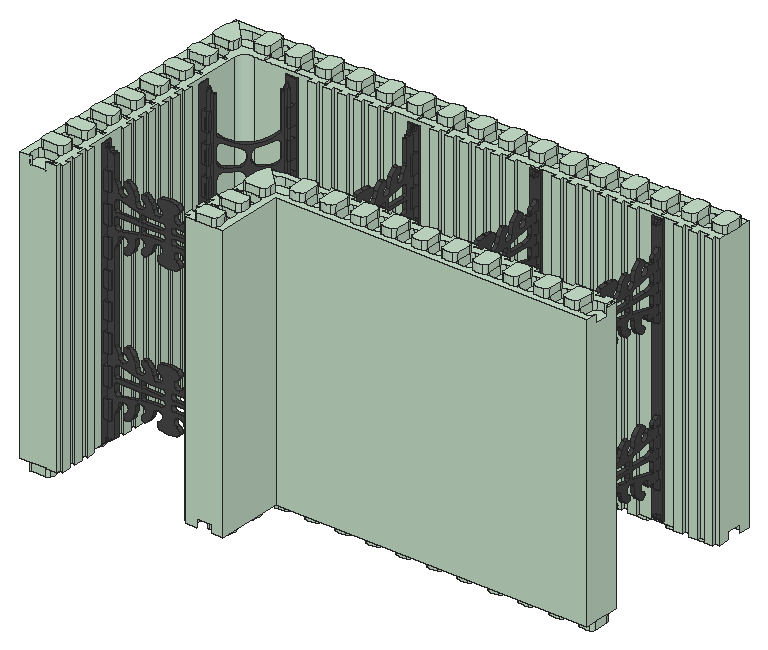
Revit family "ICF- NUDURA 8-inch- 90 Degree Form Unit- Imperial", category Generic Models, Revit 2011 (continued)
Definition of nested family "8-inch Web"
  Forms (in)
    Extrusion 1, solid, material "Polypropylene"
      sketch origin (0, 0, -0.5) x (0, 1, 0) y (0, 0, 1)
        loop
          arc (-1.68267, 12.95131) -> (-1.7612, 12.66395) -> (-1.47916, 12.56805) r 0.21738
          arc (-1.47916, 12.56805) -> (-1.27447, 12.72144) -> (-1.13325, 12.93471) r 0.74993
          line (-1.13325, 12.93471) -> (-0.99061, 13.32155)
          arc (-0.99061, 13.32155) -> (-0.48493, 13.48968) -> (-0.55907, 12.96196) r 0.31353
          arc (-0.55907, 12.96196) -> (-0.73529, 12.69795) -> (-0.53596, 12.45092) r 0.26801
          arc (-0.53596, 12.45092) -> (-0.30102, 12.40366) -> (-0.06182, 12.38886) r 1.75402
          arc (-0.06182, 12.38886) -> (-0.03091, 12.38893) -> (0, 12.38954) r 1.75402
          arc (0, 12.38954) -> (0.03091, 12.38893) -> (0.06182, 12.38886) r 1.75402
          arc (0.06182, 12.38886) -> (0.30102, 12.40366) -> (0.53596, 12.45092) r 1.75402
          arc (0.53596, 12.45092) -> (0.73529, 12.69795) -> (0.55907, 12.96196) r 0.26801
          arc (0.55907, 12.96196) -> (0.48493, 13.48968) -> (0.99061, 13.32155) r 0.31353
          line (0.99061, 13.32155) -> (1.13325, 12.93471)
          arc (1.13325, 12.93471) -> (1.27447, 12.72144) -> (1.47916, 12.56805) r 0.74993
          arc (1.47916, 12.56805) -> (1.7612, 12.66395) -> (1.68267, 12.95131) r 0.21738
          arc (1.68267, 12.95131) -> (1.64814, 13.4949) -> (2.13361, 13.24792) r 0.31353
          arc (2.13361, 13.24792) -> (2.18004, 12.92936) -> (2.26931, 12.62005) r 2.36477
          arc (2.26931, 12.62005) -> (2.42388, 12.38359) -> (2.66153, 12.23085) r 0.67666
          arc (2.66153, 12.23085) -> (2.94751, 12.3534) -> (2.82496, 12.63938) r 0.22
          arc (2.82496, 12.63938) -> (2.80729, 13.20461) -> (3.25886, 12.86419) r 0.31353
          arc (3.25886, 12.86419) -> (3.28181, 12.76256) -> (3.38367, 12.74066) r 0.09677
          arc (3.38367, 12.74066) -> (3.54907, 12.79485) -> (3.72137, 12.81946) r 0.99729
          line (3.72137, 12.81946) -> (3.83556, 12.81946) -> (3.83556, 12.74943) -> (3.77832, 12.74943)
          arc (3.77832, 12.74943) -> (3.73413, 12.73112) -> (3.71582, 12.68693) r 0.0625
          line (3.71582, 12.68693) -> (3.71582, 12.61943)
          arc (3.71582, 12.61943) -> (3.7617, 12.47509) -> (3.88249, 12.38373) r 0.25
          arc (3.88249, 12.38373) -> (4.01183, 12.31528) -> (4.11582, 12.21232) r 0.5
          line (4.11582, 12.21232) -> (4.185, 12.21232) -> (4.185, 12.81193)
          arc (4.185, 12.81193) -> (4.16669, 12.76774) -> (4.1225, 12.74943) r 0.0625
          line (4.1225, 12.74943) -> (3.91022, 12.74943) -> (3.91022, 12.81946) -> (4.02082, 12.81946) -> (4.02082, 13.31943) -> (3.91022, 13.31943) -> (3.91022, 13.38943) -> (4.1225, 13.38943)
          arc (4.1225, 13.38943) -> (4.16669, 13.37112) -> (4.185, 13.32693) r 0.0625
          line (4.185, 13.32693) -> (4.185, 14.11193)
          arc (4.185, 14.11193) -> (4.16669, 14.06774) -> (4.1225, 14.04943) r 0.0625
          line (4.1225, 14.04943) -> (3.91022, 14.04943) -> (3.91022, 14.11943) -> (4.02082, 14.11943) -> (4.02082, 14.61943) -> (3.91022, 14.61943) -> (3.91022, 14.68943) -> (4.1225, 14.68943)
          arc (4.1225, 14.68943) -> (4.16669, 14.67112) -> (4.185, 14.62693) r 0.0625
          line (4.185, 14.62693) -> (4.185, 15.41193)
          arc (4.185, 15.41193) -> (4.16669, 15.36774) -> (4.1225, 15.34943) r 0.0625
          line (4.1225, 15.34943) -> (3.91022, 15.34943) -> (3.91022, 15.41943) -> (4.02082, 15.41943)
        loop
          arc (3.61722, 14.5911) -> (3.66725, 14.61172) -> (3.72082, 14.61943) r 0.21872
          line (3.72082, 14.61943) -> (3.83556, 14.61943) -> (3.83556, 14.68943) -> (3.77832, 14.68943)
          arc (3.77832, 14.68943) -> (3.73413, 14.70774) -> (3.71582, 14.75193) r 0.0625
          line (3.71582, 14.75193) -> (3.71582, 15.28693)
          arc (3.71582, 15.28693) -> (3.73413, 15.33112) -> (3.77832, 15.34943) r 0.0625
          line (3.77832, 15.34943) -> (3.83556, 15.34943) -> (3.83556, 15.41943) -> (3.72082, 15.41943)
          arc (3.72082, 15.41943) -> (2.8612, 15.22018) -> (1.99577, 15.04787) r 28.25303
          arc (1.99577, 15.04787) -> (1.93696, 15.01354) -> (1.91377, 14.9495) r 0.1
          line (1.91377, 14.9495) -> (1.91377, 14.56474)
          arc (1.91377, 14.56474) -> (1.94303, 14.49405) -> (2.0137, 14.46474) r 0.1
          line (2.0137, 14.46474) -> (3.1681, 14.46396)
          arc (3.1681, 14.46396) -> (3.39912, 14.5047) -> (3.61722, 14.5911) r 1.15974
        loop
          line (3.72082, 13.31943) -> (3.83556, 13.31943) -> (3.83556, 13.38943) -> (3.77832, 13.38943)
          arc (3.77832, 13.38943) -> (3.73413, 13.40774) -> (3.71582, 13.45193) r 0.0625
          line (3.71582, 13.45193) -> (3.71582, 13.98693)
          arc (3.71582, 13.98693) -> (3.73413, 14.03112) -> (3.77832, 14.04943) r 0.0625
          line (3.77832, 14.04943) -> (3.83556, 14.04943) -> (3.83556, 14.11943) -> (3.72082, 14.11943)
          arc (3.72082, 14.11943) -> (3.66725, 14.12714) -> (3.61722, 14.14776) r 0.21872
          arc (3.61722, 14.14776) -> (3.39912, 14.23416) -> (3.1681, 14.2749) r 1.15974
          line (3.1681, 14.2749) -> (2.0137, 14.2749)
          arc (2.0137, 14.2749) -> (1.94303, 14.24481) -> (1.91377, 14.17412) r 0.1
          line (1.91377, 14.17412) -> (1.91377, 13.78936)
          arc (1.91377, 13.78936) -> (1.93696, 13.72532) -> (1.99577, 13.69099) r 0.1
          arc (1.99577, 13.69099) -> (2.8612, 13.51868) -> (3.72082, 13.31943) r 28.25303
        loop
          line (4.185, 18.01497) -> (4.185, 18.26376)
          arc (4.185, 18.26376) -> (4.18086, 18.24855) -> (4.16957, 18.23754) r 0.03
          line (4.16957, 18.23754) -> (4.00043, 18.14357)
          arc (4.00043, 18.14357) -> (3.98914, 18.13256) -> (3.985, 18.11735) r 0.03
          line (3.985, 18.11735) -> (3.985, 18.04614)
          arc (3.985, 18.04614) -> (3.99126, 18.03161) -> (4.00611, 18.02617) r 0.02
          line (4.00611, 18.02617) -> (4.16389, 18.03494)
          arc (4.16389, 18.03494) -> (4.17874, 18.0295) -> (4.185, 18.01497) r 0.02
        loop
          arc (-4.185, 18.01497) -> (-4.17874, 18.0295) -> (-4.16389, 18.03494) r 0.02
          line (-4.16389, 18.03494) -> (-4.00611, 18.02617)
          arc (-4.00611, 18.02617) -> (-3.99126, 18.03161) -> (-3.985, 18.04614) r 0.02
          line (-3.985, 18.04614) -> (-3.985, 18.11735)
          arc (-3.985, 18.11735) -> (-3.98914, 18.13256) -> (-4.00043, 18.14357) r 0.03
          line (-4.00043, 18.14357) -> (-4.16957, 18.23754)
          arc (-4.16957, 18.23754) -> (-4.18086, 18.24855) -> (-4.185, 18.26376) r 0.03
          line (-4.185, 18.26376) -> (-4.185, 18.01497)
        loop
          arc (1.64262, 14.9857) -> (1.3631, 14.94624) -> (1.0811, 14.93338) r 2.98393
          line (1.0811, 14.93338) -> (0.43422, 14.93338)
          arc (0.43422, 14.93338) -> (0.1999, 14.69906) -> (0.43422, 14.46474) r 0.23432
          line (0.43422, 14.46474) -> (1.66127, 14.46474)
          arc (1.66127, 14.46474) -> (1.73198, 14.49403) -> (1.76127, 14.56474) r 0.1
          line (1.76127, 14.56474) -> (1.76127, 14.88745)
          arc (1.76127, 14.88745) -> (1.72505, 14.96447) -> (1.64262, 14.9857) r 0.1
        loop
          arc (1.64262, 13.75316) -> (1.72505, 13.77439) -> (1.76127, 13.85141) r 0.1
          line (1.76127, 13.85141) -> (1.76127, 14.17412)
          arc (1.76127, 14.17412) -> (1.73198, 14.24483) -> (1.66127, 14.27412) r 0.1
          line (1.66127, 14.27412) -> (0.43422, 14.27412)
          arc (0.43422, 14.27412) -> (0.1999, 14.0398) -> (0.43422, 13.80548) r 0.23432
          line (0.43422, 13.80548) -> (1.0811, 13.80548)
          arc (1.0811, 13.80548) -> (1.3631, 13.79262) -> (1.64262, 13.75316) r 2.98393
        loop
          arc (-3.61722, 14.5911) -> (-3.39912, 14.5047) -> (-3.1681, 14.46396) r 1.15974
          line (-3.1681, 14.46396) -> (-2.0137, 14.46474)
          arc (-2.0137, 14.46474) -> (-1.94303, 14.49405) -> (-1.91377, 14.56474) r 0.1
          line (-1.91377, 14.56474) -> (-1.91377, 14.9495)
          arc (-1.91377, 14.9495) -> (-1.93696, 15.01354) -> (-1.99577, 15.04787) r 0.1
          arc (-1.99577, 15.04787) -> (-2.8612, 15.22018) -> (-3.72082, 15.41943) r 28.25303
          line (-3.72082, 15.41943) -> (-3.83556, 15.41943) -> (-3.83556, 15.34943) -> (-3.77832, 15.34943)
          arc (-3.77832, 15.34943) -> (-3.73413, 15.33112) -> (-3.71582, 15.28693) r 0.0625
          line (-3.71582, 15.28693) -> (-3.71582, 14.75193)
          arc (-3.71582, 14.75193) -> (-3.73413, 14.70774) -> (-3.77832, 14.68943) r 0.0625
          line (-3.77832, 14.68943) -> (-3.83556, 14.68943) -> (-3.83556, 14.61943) -> (-3.72082, 14.61943)
          arc (-3.72082, 14.61943) -> (-3.66725, 14.61172) -> (-3.61722, 14.5911) r 0.21872
        loop
          arc (-3.72082, 13.31943) -> (-2.8612, 13.51868) -> (-1.99577, 13.69099) r 28.25303
          arc (-1.99577, 13.69099) -> (-1.93696, 13.72532) -> (-1.91377, 13.78936) r 0.1
          line (-1.91377, 13.78936) -> (-1.91377, 14.17412)
          arc (-1.91377, 14.17412) -> (-1.94303, 14.24481) -> (-2.0137, 14.2749) r 0.1
          line (-2.0137, 14.2749) -> (-3.1681, 14.2749)
          arc (-3.1681, 14.2749) -> (-3.39912, 14.23416) -> (-3.61722, 14.14776) r 1.15974
          arc (-3.61722, 14.14776) -> (-3.66725, 14.12714) -> (-3.72082, 14.11943) r 0.21872
          line (-3.72082, 14.11943) -> (-3.83556, 14.11943) -> (-3.83556, 14.04943) -> (-3.77832, 14.04943)
          arc (-3.77832, 14.04943) -> (-3.73413, 14.03112) -> (-3.71582, 13.98693) r 0.0625
          line (-3.71582, 13.98693) -> (-3.71582, 13.45193)
          arc (-3.71582, 13.45193) -> (-3.73413, 13.40774) -> (-3.77832, 13.38943) r 0.0625
          line (-3.77832, 13.38943) -> (-3.83556, 13.38943) -> (-3.83556, 13.31943) -> (-3.72082, 13.31943)
        loop
          arc (-1.64262, 14.9857) -> (-1.72505, 14.96447) -> (-1.76127, 14.88745) r 0.1
          line (-1.76127, 14.88745) -> (-1.76127, 14.56474)
          arc (-1.76127, 14.56474) -> (-1.73198, 14.49403) -> (-1.66127, 14.46474) r 0.1
          line (-1.66127, 14.46474) -> (-0.43422, 14.46474)
          arc (-0.43422, 14.46474) -> (-0.1999, 14.69906) -> (-0.43422, 14.93338) r 0.23432
          line (-0.43422, 14.93338) -> (-1.0811, 14.93338)
          arc (-1.0811, 14.93338) -> (-1.3631, 14.94624) -> (-1.64262, 14.9857) r 2.98393
        loop
          arc (-1.64262, 13.75316) -> (-1.3631, 13.79262) -> (-1.0811, 13.80548) r 2.98393
          line (-1.0811, 13.80548) -> (-0.43422, 13.80548)
          arc (-0.43422, 13.80548) -> (-0.1999, 14.0398) -> (-0.43422, 14.27412) r 0.23432
          line (-0.43422, 14.27412) -> (-1.66127, 14.27412)
          arc (-1.66127, 14.27412) -> (-1.73198, 14.24483) -> (-1.76127, 14.17412) r 0.1
          line (-1.76127, 14.17412) -> (-1.76127, 13.85141)
          arc (-1.76127, 13.85141) -> (-1.72505, 13.77439) -> (-1.64262, 13.75316) r 0.1
        loop
          line (4.02082, 3.58057) -> (3.91022, 3.58057) -> (3.91022, 3.65057) -> (4.1225, 3.65057)
          arc (4.1225, 3.65057) -> (4.16669, 3.63226) -> (4.185, 3.58807) r 0.0625
          line (4.185, 3.58807) -> (4.185, 4.37307)
          arc (4.185, 4.37307) -> (4.16669, 4.32888) -> (4.1225, 4.31057) r 0.0625
          line (4.1225, 4.31057) -> (3.91022, 4.31057) -> (3.91022, 4.38057) -> (4.02082, 4.38057) -> (4.02082, 4.88057) -> (3.91022, 4.88057) -> (3.91022, 4.95057) -> (4.1225, 4.95057)
          arc (4.1225, 4.95057) -> (4.16669, 4.93226) -> (4.185, 4.88807) r 0.0625
          line (4.185, 4.88807) -> (4.185, 5.67307)
          arc (4.185, 5.67307) -> (4.16669, 5.62888) -> (4.1225, 5.61057) r 0.0625
          line (4.1225, 5.61057) -> (3.91022, 5.61057) -> (3.91022, 5.68057) -> (4.02082, 5.68057) -> (4.02082, 6.18054) -> (3.91022, 6.18054) -> (3.91022, 6.25057) -> (4.1225, 6.25057)
          arc (4.1225, 6.25057) -> (4.16669, 6.23226) -> (4.185, 6.18807) r 0.0625
          line (4.185, 6.18807) -> (4.185, 6.78768) -> (4.11582, 6.78768)
          arc (4.11582, 6.78768) -> (4.01183, 6.68472) -> (3.88249, 6.61627) r 0.5
          arc (3.88249, 6.61627) -> (3.7617, 6.52491) -> (3.71582, 6.38057) r 0.25
          line (3.71582, 6.38057) -> (3.71582, 6.31307)
          arc (3.71582, 6.31307) -> (3.73413, 6.26888) -> (3.77832, 6.25057) r 0.0625
          line (3.77832, 6.25057) -> (3.83556, 6.25057) -> (3.83556, 6.18054) -> (3.72137, 6.18054)
          arc (3.72137, 6.18054) -> (3.54907, 6.20515) -> (3.38367, 6.25934) r 0.99729
          arc (3.38367, 6.25934) -> (3.28181, 6.23744) -> (3.25886, 6.13581) r 0.09677
          arc (3.25886, 6.13581) -> (2.80729, 5.79539) -> (2.82496, 6.36062) r 0.31353
          arc (2.82496, 6.36062) -> (2.94751, 6.6466) -> (2.66153, 6.76915) r 0.22
          arc (2.66153, 6.76915) -> (2.42388, 6.61641) -> (2.26931, 6.37995) r 0.67666
          arc (2.26931, 6.37995) -> (2.18004, 6.07064) -> (2.13361, 5.75208) r 2.36477
          arc (2.13361, 5.75208) -> (1.64814, 5.5051) -> (1.68267, 6.04869) r 0.31353
          arc (1.68267, 6.04869) -> (1.7612, 6.33605) -> (1.47916, 6.43195) r 0.21738
          arc (1.47916, 6.43195) -> (1.27447, 6.27856) -> (1.13325, 6.06529) r 0.74993
          line (1.13325, 6.06529) -> (0.99061, 5.67845)
          arc (0.99061, 5.67845) -> (0.48493, 5.51032) -> (0.55907, 6.03804) r 0.31353
          arc (0.55907, 6.03804) -> (0.73529, 6.30205) -> (0.53596, 6.54908) r 0.26801
          arc (0.53596, 6.54908) -> (0.30102, 6.59634) -> (0.06182, 6.61114) r 1.75402
          arc (0.06182, 6.61114) -> (0.03091, 6.61107) -> (0, 6.61046) r 1.75402
          arc (0, 6.61046) -> (-0.03091, 6.61107) -> (-0.06182, 6.61114) r 1.75402
          arc (-0.06182, 6.61114) -> (-0.30102, 6.59634) -> (-0.53596, 6.54908) r 1.75402
          arc (-0.53596, 6.54908) -> (-0.73529, 6.30205) -> (-0.55907, 6.03804) r 0.26801
          arc (-0.55907, 6.03804) -> (-0.48493, 5.51032) -> (-0.99061, 5.67845) r 0.31353
          line (-0.99061, 5.67845) -> (-1.13325, 6.06529)
          arc (-1.13325, 6.06529) -> (-1.27447, 6.27856) -> (-1.47916, 6.43195) r 0.74993
          arc (-1.47916, 6.43195) -> (-1.7612, 6.33605) -> (-1.68267, 6.04869) r 0.21738
          arc (-1.68267, 6.04869) -> (-1.64814, 5.5051) -> (-2.13361, 5.75208) r 0.31353
          arc (-2.13361, 5.75208) -> (-2.18004, 6.07064) -> (-2.26931, 6.37995) r 2.36477
          arc (-2.26931, 6.37995) -> (-2.42388, 6.61641) -> (-2.66153, 6.76915) r 0.67666
          arc (-2.66153, 6.76915) -> (-2.94751, 6.6466) -> (-2.82496, 6.36062) r 0.22
          arc (-2.82496, 6.36062) -> (-2.80729, 5.79539) -> (-3.25886, 6.13581) r 0.31353
          arc (-3.25886, 6.13581) -> (-3.28181, 6.23744) -> (-3.38367, 6.25934) r 0.09677
          arc (-3.38367, 6.25934) -> (-3.54907, 6.20515) -> (-3.72137, 6.18054) r 0.99729
          line (-3.72137, 6.18054) -> (-3.83556, 6.18054) -> (-3.83556, 6.25057) -> (-3.77832, 6.25057)
          arc (-3.77832, 6.25057) -> (-3.73413, 6.26888) -> (-3.71582, 6.31307) r 0.0625
          line (-3.71582, 6.31307) -> (-3.71582, 6.38057)
          arc (-3.71582, 6.38057) -> (-3.7617, 6.52491) -> (-3.88249, 6.61627) r 0.25
          arc (-3.88249, 6.61627) -> (-4.01183, 6.68472) -> (-4.11582, 6.78768) r 0.5
          line (-4.11582, 6.78768) -> (-4.185, 6.78768) -> (-4.185, 6.18807)
          arc (-4.185, 6.18807) -> (-4.16669, 6.23226) -> (-4.1225, 6.25057) r 0.0625
          line (-4.1225, 6.25057) -> (-3.91022, 6.25057) -> (-3.91022, 6.18054) -> (-4.02082, 6.18054) -> (-4.02082, 5.68057) -> (-3.91022, 5.68057) -> (-3.91022, 5.61057) -> (-4.1225, 5.61057)
          arc (-4.1225, 5.61057) -> (-4.16669, 5.62888) -> (-4.185, 5.67307) r 0.0625
          line (-4.185, 5.67307) -> (-4.185, 4.88807)
          arc (-4.185, 4.88807) -> (-4.16669, 4.93226) -> (-4.1225, 4.95057) r 0.0625
          line (-4.1225, 4.95057) -> (-3.91022, 4.95057) -> (-3.91022, 4.88057) -> (-4.02082, 4.88057) -> (-4.02082, 4.38057) -> (-3.91022, 4.38057) -> (-3.91022, 4.31057) -> (-4.1225, 4.31057)
          arc (-4.1225, 4.31057) -> (-4.16669, 4.32888) -> (-4.185, 4.37307) r 0.0625
          line (-4.185, 4.37307) -> (-4.185, 3.58807)
          arc (-4.185, 3.58807) -> (-4.16669, 3.63226) -> (-4.1225, 3.65057) r 0.0625
          line (-4.1225, 3.65057) -> (-3.91022, 3.65057) -> (-3.91022, 3.58057) -> (-4.02082, 3.58057) -> (-4.02082, 3.0806) -> (-3.91022, 3.0806) -> (-3.91022, 3.01057) -> (-4.15332, 3.01057)
          arc (-4.15332, 3.01057) -> (-4.16974, 3.01276) -> (-4.185, 3.01919) r 0.0625
          line (-4.185, 3.01919) -> (-4.185, 2.3463)
          arc (-4.185, 2.3463) -> (-4.06705, 2.52933) -> (-3.88249, 2.64487) r 0.5
          arc (-3.88249, 2.64487) -> (-3.7617, 2.73623) -> (-3.71582, 2.88057) r 0.25
          line (-3.71582, 2.88057) -> (-3.71582, 2.94807)
          arc (-3.71582, 2.94807) -> (-3.73413, 2.99226) -> (-3.77832, 3.01057) r 0.0625
          line (-3.77832, 3.01057) -> (-3.83556, 3.01057) -> (-3.83556, 3.0806) -> (-3.72137, 3.0806)
          arc (-3.72137, 3.0806) -> (-3.54907, 3.05599) -> (-3.38367, 3.0018) r 0.99729
          arc (-3.38367, 3.0018) -> (-3.28181, 3.0237) -> (-3.25886, 3.12533) r 0.09677
          arc (-3.25886, 3.12533) -> (-2.80729, 3.46575) -> (-2.82496, 2.90052) r 0.31353
          arc (-2.82496, 2.90052) -> (-2.94751, 2.61454) -> (-2.66153, 2.49199) r 0.22
          arc (-2.66153, 2.49199) -> (-2.42388, 2.64473) -> (-2.26931, 2.88119) r 0.67666
          arc (-2.26931, 2.88119) -> (-2.18004, 3.1905) -> (-2.13361, 3.50906) r 2.36477
          arc (-2.13361, 3.50906) -> (-1.64814, 3.75604) -> (-1.68267, 3.21245) r 0.31353
          arc (-1.68267, 3.21245) -> (-1.7612, 2.92509) -> (-1.47916, 2.82919) r 0.21738
          arc (-1.47916, 2.82919) -> (-1.27447, 2.98258) -> (-1.13325, 3.19585) r 0.74993
          line (-1.13325, 3.19585) -> (-0.99061, 3.58269)
          arc (-0.99061, 3.58269) -> (-0.48493, 3.75082) -> (-0.55907, 3.2231) r 0.31353
          arc (-0.55907, 3.2231) -> (-0.73529, 2.95909) -> (-0.53596, 2.71206) r 0.26801
          arc (-0.53596, 2.71206) -> (-0.30102, 2.6648) -> (-0.06182, 2.65) r 1.75402
          arc (-0.06182, 2.65) -> (-0.03091, 2.65007) -> (0, 2.65068) r 1.75402
          arc (0, 2.65068) -> (0.03091, 2.65007) -> (0.06182, 2.65) r 1.75402
          arc (0.06182, 2.65) -> (0.30102, 2.6648) -> (0.53596, 2.71206) r 1.75402
          arc (0.53596, 2.71206) -> (0.73529, 2.95909) -> (0.55907, 3.2231) r 0.26801
          arc (0.55907, 3.2231) -> (0.48493, 3.75082) -> (0.99061, 3.58269) r 0.31353
          line (0.99061, 3.58269) -> (1.13325, 3.19585)
          arc (1.13325, 3.19585) -> (1.27447, 2.98258) -> (1.47916, 2.82919) r 0.74993
          arc (1.47916, 2.82919) -> (1.7612, 2.92509) -> (1.68267, 3.21245) r 0.21738
          arc (1.68267, 3.21245) -> (1.64814, 3.75604) -> (2.13361, 3.50906) r 0.31353
          arc (2.13361, 3.50906) -> (2.18004, 3.1905) -> (2.26931, 2.88119) r 2.36477
          arc (2.26931, 2.88119) -> (2.42388, 2.64473) -> (2.66153, 2.49199) r 0.67666
          arc (2.66153, 2.49199) -> (2.94751, 2.61454) -> (2.82496, 2.90052) r 0.22
          arc (2.82496, 2.90052) -> (2.80729, 3.46575) -> (3.25886, 3.12533) r 0.31353
          arc (3.25886, 3.12533) -> (3.28181, 3.0237) -> (3.38367, 3.0018) r 0.09677
          arc (3.38367, 3.0018) -> (3.54907, 3.05599) -> (3.72137, 3.0806) r 0.99729
          line (3.72137, 3.0806) -> (3.83556, 3.0806) -> (3.83556, 3.01057) -> (3.77832, 3.01057)
          arc (3.77832, 3.01057) -> (3.73413, 2.99226) -> (3.71582, 2.94807) r 0.0625
          line (3.71582, 2.94807) -> (3.71582, 2.88057)
          arc (3.71582, 2.88057) -> (3.7617, 2.73623) -> (3.88249, 2.64487) r 0.25
          arc (3.88249, 2.64487) -> (4.06705, 2.52933) -> (4.185, 2.3463) r 0.5
          line (4.185, 2.3463) -> (4.185, 3.01919)
          arc (4.185, 3.01919) -> (4.16974, 3.01276) -> (4.15332, 3.01057) r 0.0625
          line (4.15332, 3.01057) -> (3.91022, 3.01057) -> (3.91022, 3.0806) -> (4.02082, 3.0806) -> (4.02082, 3.58057)
        loop
          arc (3.61722, 4.4089) -> (3.39912, 4.4953) -> (3.1681, 4.53604) r 1.15974
          line (3.1681, 4.53604) -> (2.0137, 4.53526)
          arc (2.0137, 4.53526) -> (1.94303, 4.50595) -> (1.91377, 4.43526) r 0.1
          line (1.91377, 4.43526) -> (1.91377, 4.0505)
          arc (1.91377, 4.0505) -> (1.93696, 3.98646) -> (1.99577, 3.95213) r 0.1
          arc (1.99577, 3.95213) -> (2.8612, 3.77982) -> (3.72082, 3.58057) r 28.25303
          line (3.72082, 3.58057) -> (3.83556, 3.58057) -> (3.83556, 3.65057) -> (3.77832, 3.65057)
          arc (3.77832, 3.65057) -> (3.73413, 3.66888) -> (3.71582, 3.71307) r 0.0625
          line (3.71582, 3.71307) -> (3.71582, 4.24807)
          arc (3.71582, 4.24807) -> (3.73413, 4.29226) -> (3.77832, 4.31057) r 0.0625
          line (3.77832, 4.31057) -> (3.83556, 4.31057) -> (3.83556, 4.38057) -> (3.72082, 4.38057)
          arc (3.72082, 4.38057) -> (3.66725, 4.38828) -> (3.61722, 4.4089) r 0.21872
        loop
          arc (3.72082, 5.68057) -> (2.8612, 5.48132) -> (1.99577, 5.30901) r 28.25303
          arc (1.99577, 5.30901) -> (1.93696, 5.27468) -> (1.91377, 5.21064) r 0.1
          line (1.91377, 5.21064) -> (1.91377, 4.82588)
          arc (1.91377, 4.82588) -> (1.94303, 4.75519) -> (2.0137, 4.7251) r 0.1
          line (2.0137, 4.7251) -> (3.1681, 4.7251)
          arc (3.1681, 4.7251) -> (3.39912, 4.76584) -> (3.61722, 4.85224) r 1.15974
          arc (3.61722, 4.85224) -> (3.66725, 4.87286) -> (3.72082, 4.88057) r 0.21872
          line (3.72082, 4.88057) -> (3.83556, 4.88057) -> (3.83556, 4.95057) -> (3.77832, 4.95057)
          arc (3.77832, 4.95057) -> (3.73413, 4.96888) -> (3.71582, 5.01307) r 0.0625
          line (3.71582, 5.01307) -> (3.71582, 5.54807)
          arc (3.71582, 5.54807) -> (3.73413, 5.59226) -> (3.77832, 5.61057) r 0.0625
          line (3.77832, 5.61057) -> (3.83556, 5.61057) -> (3.83556, 5.68057) -> (3.72082, 5.68057)
        loop
          arc (1.64262, 4.0143) -> (1.72505, 4.03553) -> (1.76127, 4.11255) r 0.1
          line (1.76127, 4.11255) -> (1.76127, 4.43526)
          arc (1.76127, 4.43526) -> (1.73198, 4.50597) -> (1.66127, 4.53526) r 0.1
          line (1.66127, 4.53526) -> (0.43422, 4.53526)
          arc (0.43422, 4.53526) -> (0.1999, 4.30094) -> (0.43422, 4.06662) r 0.23432
          line (0.43422, 4.06662) -> (1.0811, 4.06662)
          arc (1.0811, 4.06662) -> (1.3631, 4.05376) -> (1.64262, 4.0143) r 2.98393
        loop
          arc (1.64262, 5.24684) -> (1.3631, 5.20738) -> (1.0811, 5.19452) r 2.98393
          line (1.0811, 5.19452) -> (0.43422, 5.19452)
          arc (0.43422, 5.19452) -> (0.1999, 4.9602) -> (0.43422, 4.72588) r 0.23432
          line (0.43422, 4.72588) -> (1.66127, 4.72588)
          arc (1.66127, 4.72588) -> (1.73198, 4.75517) -> (1.76127, 4.82588) r 0.1
          line (1.76127, 4.82588) -> (1.76127, 5.14859)
          arc (1.76127, 5.14859) -> (1.72505, 5.22561) -> (1.64262, 5.24684) r 0.1
        loop
          arc (-3.61722, 4.4089) -> (-3.66725, 4.38828) -> (-3.72082, 4.38057) r 0.21872
          line (-3.72082, 4.38057) -> (-3.83556, 4.38057) -> (-3.83556, 4.31057) -> (-3.77832, 4.31057)
          arc (-3.77832, 4.31057) -> (-3.73413, 4.29226) -> (-3.71582, 4.24807) r 0.0625
          line (-3.71582, 4.24807) -> (-3.71582, 3.71307)
          arc (-3.71582, 3.71307) -> (-3.73413, 3.66888) -> (-3.77832, 3.65057) r 0.0625
          line (-3.77832, 3.65057) -> (-3.83556, 3.65057) -> (-3.83556, 3.58057) -> (-3.72082, 3.58057)
          arc (-3.72082, 3.58057) -> (-2.8612, 3.77982) -> (-1.99577, 3.95213) r 28.25303
          arc (-1.99577, 3.95213) -> (-1.93696, 3.98646) -> (-1.91377, 4.0505) r 0.1
          line (-1.91377, 4.0505) -> (-1.91377, 4.43526)
          arc (-1.91377, 4.43526) -> (-1.94303, 4.50595) -> (-2.0137, 4.53526) r 0.1
          line (-2.0137, 4.53526) -> (-3.1681, 4.53604)
          arc (-3.1681, 4.53604) -> (-3.39912, 4.4953) -> (-3.61722, 4.4089) r 1.15974
        loop
          line (-3.72082, 5.68057) -> (-3.83556, 5.68057) -> (-3.83556, 5.61057) -> (-3.77832, 5.61057)
          arc (-3.77832, 5.61057) -> (-3.73413, 5.59226) -> (-3.71582, 5.54807) r 0.0625
          line (-3.71582, 5.54807) -> (-3.71582, 5.01307)
          arc (-3.71582, 5.01307) -> (-3.73413, 4.96888) -> (-3.77832, 4.95057) r 0.0625
          line (-3.77832, 4.95057) -> (-3.83556, 4.95057) -> (-3.83556, 4.88057) -> (-3.72082, 4.88057)
          arc (-3.72082, 4.88057) -> (-3.66725, 4.87286) -> (-3.61722, 4.85224) r 0.21872
          arc (-3.61722, 4.85224) -> (-3.39912, 4.76584) -> (-3.1681, 4.7251) r 1.15974
          line (-3.1681, 4.7251) -> (-2.0137, 4.7251)
          arc (-2.0137, 4.7251) -> (-1.94303, 4.75519) -> (-1.91377, 4.82588) r 0.1
          line (-1.91377, 4.82588) -> (-1.91377, 5.21064)
          arc (-1.91377, 5.21064) -> (-1.93696, 5.27468) -> (-1.99577, 5.30901) r 0.1
          arc (-1.99577, 5.30901) -> (-2.8612, 5.48132) -> (-3.72082, 5.68057) r 28.25303
        loop
          arc (-1.64262, 4.0143) -> (-1.3631, 4.05376) -> (-1.0811, 4.06662) r 2.98393
          line (-1.0811, 4.06662) -> (-0.43422, 4.06662)
          arc (-0.43422, 4.06662) -> (-0.1999, 4.30094) -> (-0.43422, 4.53526) r 0.23432
          line (-0.43422, 4.53526) -> (-1.66127, 4.53526)
          arc (-1.66127, 4.53526) -> (-1.73198, 4.50597) -> (-1.76127, 4.43526) r 0.1
          line (-1.76127, 4.43526) -> (-1.76127, 4.11255)
          arc (-1.76127, 4.11255) -> (-1.72505, 4.03553) -> (-1.64262, 4.0143) r 0.1
        loop
          arc (-1.64262, 5.24684) -> (-1.72505, 5.22561) -> (-1.76127, 5.14859) r 0.1
          line (-1.76127, 5.14859) -> (-1.76127, 4.82588)
          arc (-1.76127, 4.82588) -> (-1.73198, 4.75517) -> (-1.66127, 4.72588) r 0.1
          line (-1.66127, 4.72588) -> (-0.43422, 4.72588)
          arc (-0.43422, 4.72588) -> (-0.1999, 4.9602) -> (-0.43422, 5.19452) r 0.23432
          line (-0.43422, 5.19452) -> (-1.0811, 5.19452)
          arc (-1.0811, 5.19452) -> (-1.3631, 5.20738) -> (-1.64262, 5.24684) r 2.98393
      from -0.125 to 0.125
    Extrusion 2, solid, material "Polypropylene"
      sketch origin (0, 0, 0) x (0, 1, 0) y (0, 0, 1)
        loop
          line (4.185, 17.8125) -> (4.185, 0.1875)
          arc (4.185, 0.1875) -> (4.2042, 0.14243) -> (4.25, 0.12505) r 0.0625
          arc (4.25, 0.12505) -> (4.2958, 0.14243) -> (4.315, 0.1875) r 0.0625
          line (4.315, 0.1875) -> (4.315, 17.8125)
          arc (4.315, 17.8125) -> (4.2958, 17.85757) -> (4.25, 17.87495) r 0.0625
          arc (4.25, 17.87495) -> (4.2042, 17.85757) -> (4.185, 17.8125) r 0.0625
        loop
          arc (-4.185, 17.8125) -> (-4.2042, 17.85757) -> (-4.25, 17.87495) r 0.0625
          arc (-4.25, 17.87495) -> (-4.2958, 17.85757) -> (-4.315, 17.8125) r 0.0625
          line (-4.315, 17.8125) -> (-4.315, 0.1875)
          arc (-4.315, 0.1875) -> (-4.2958, 0.14243) -> (-4.25, 0.12505) r 0.0625
          arc (-4.25, 0.12505) -> (-4.2042, 0.14243) -> (-4.185, 0.1875) r 0.0625
          line (-4.185, 0.1875) -> (-4.185, 17.8125)
      from -0.36328 to 0.36328
Definition of nested family "8-inch Insert Web"
  Reference planes (in)
    plane 1 "Center (Front/Back)": y = 0
    plane 2: z = 0
    plane 3 "Center (Left/Right)": x = 0
  Forms (in)
    Extrusion 1, solid, material "High Density Polystyrene"
      sketch origin (0, 0, 0) x (0, 1, 0) y (0, 0, 1)
        loop
          line (4.25, 0) -> (4.25, 17.74583)
          arc (4.25, 17.74583) -> (4.22112, 17.72608) -> (4.21, 17.69292) r 0.055
          line (4.21, 17.69292) -> (4.21, 0.05292)
          arc (4.21, 0.05292) -> (4.22112, 0.01975) -> (4.25, 0) r 0.055
        loop
          arc (-4.25, 0) -> (-4.22112, 0.01975) -> (-4.21, 0.05292) r 0.055
          line (-4.21, 0.05292) -> (-4.21, 17.69292)
          arc (-4.21, 17.69292) -> (-4.22112, 17.72608) -> (-4.25, 17.74583) r 0.055
          line (-4.25, 17.74583) -> (-4.25, 0)
      from 0.36328 to -0.36328
    Extrusion 2, solid, material "High Density Polystyrene"
      sketch origin (0, 0, 0) x (0, 1, 0) y (0, 0, 1)
        loop
          line (-4.12543, 17.57204) -> (-4.19457, 17.61045)
          arc (-4.19457, 17.61045) -> (-4.20585, 17.62147) -> (-4.21, 17.63668) r 0.03
          line (-4.21, 17.63668) -> (-4.21, 17.38789)
          arc (-4.21, 17.38789) -> (-4.20374, 17.40241) -> (-4.18889, 17.40785) r 0.02
          line (-4.18889, 17.40785) -> (-4.13111, 17.40464)
          arc (-4.13111, 17.40464) -> (-4.11625, 17.41008) -> (-4.11, 17.42461) r 0.02
          line (-4.11, 17.42461) -> (-4.11, 17.54582)
          arc (-4.11, 17.54582) -> (-4.11414, 17.56103) -> (-4.12543, 17.57204) r 0.03
        loop
          line (-3.5, 17.20772) -> (-3.6, 17.20772) -> (-3.6, 17.2388)
          arc (-3.6, 17.2388) -> (-3.61433, 17.27339) -> (-3.64893, 17.28772) r 0.04893
          line (-3.64893, 17.28772) -> (-3.77609, 17.28772) -> (-3.825, 17.43772)
          arc (-3.825, 17.43772) -> (-3.875, 17.46772) -> (-3.925, 17.43772) r 0.05667
          line (-3.925, 17.43772) -> (-4, 17.20772) -> (-4, 0.53811) -> (-3.925, 0.30811)
          arc (-3.925, 0.30811) -> (-3.875, 0.27811) -> (-3.825, 0.30811) r 0.05667
          line (-3.825, 0.30811) -> (-3.77609, 0.45811) -> (-3.64893, 0.45811)
          arc (-3.64893, 0.45811) -> (-3.61433, 0.47244) -> (-3.6, 0.50703) r 0.04893
          line (-3.6, 0.50703) -> (-3.6, 0.53811) -> (-3.5, 0.53811) -> (-3.5, 1.98988)
          arc (-3.5, 1.98988) -> (-3.48945, 2.05625) -> (-3.45885, 2.11607) r 0.21407
          arc (-3.45885, 2.11607) -> (-3.34445, 2.29893) -> (-3.25724, 2.49621) r 1.51187
          arc (-3.25724, 2.49621) -> (-2.80567, 2.83663) -> (-2.82334, 2.2714) r 0.31353
          arc (-2.82334, 2.2714) -> (-2.94589, 1.98542) -> (-2.65991, 1.86287) r 0.22
          arc (-2.65991, 1.86287) -> (-2.42226, 2.01561) -> (-2.26768, 2.25208) r 0.67666
          arc (-2.26768, 2.25208) -> (-2.17842, 2.56138) -> (-2.13199, 2.87994) r 2.36477
          arc (-2.13199, 2.87994) -> (-1.64652, 3.12692) -> (-1.68105, 2.58333) r 0.31353
          arc (-1.68105, 2.58333) -> (-1.75958, 2.29597) -> (-1.47754, 2.20007) r 0.21738
          arc (-1.47754, 2.20007) -> (-1.27285, 2.35346) -> (-1.13163, 2.56673) r 0.74993
          line (-1.13163, 2.56673) -> (-0.98899, 2.95357)
          arc (-0.98899, 2.95357) -> (-0.48331, 3.1217) -> (-0.55745, 2.59398) r 0.31353
          arc (-0.55745, 2.59398) -> (-0.73367, 2.32998) -> (-0.53434, 2.08295) r 0.26801
          arc (-0.53434, 2.08295) -> (-0.26951, 2.03203) -> (0, 2.02231) r 1.75402
          arc (0, 2.02231) -> (0.26951, 2.03203) -> (0.53434, 2.08295) r 1.75402
          arc (0.53434, 2.08295) -> (0.73367, 2.32998) -> (0.55745, 2.59398) r 0.26801
          arc (0.55745, 2.59398) -> (0.48331, 3.1217) -> (0.98899, 2.95357) r 0.31353
          line (0.98899, 2.95357) -> (1.13163, 2.56673)
          arc (1.13163, 2.56673) -> (1.27285, 2.35346) -> (1.47754, 2.20007) r 0.74993
          arc (1.47754, 2.20007) -> (1.75958, 2.29597) -> (1.68105, 2.58333) r 0.21738
          arc (1.68105, 2.58333) -> (1.64652, 3.12692) -> (2.13199, 2.87994) r 0.31353
          arc (2.13199, 2.87994) -> (2.17842, 2.56138) -> (2.26768, 2.25208) r 2.36477
          arc (2.26768, 2.25208) -> (2.42226, 2.01561) -> (2.65991, 1.86287) r 0.67666
          arc (2.65991, 1.86287) -> (2.94589, 1.98542) -> (2.82334, 2.2714) r 0.22
          arc (2.82334, 2.2714) -> (2.80567, 2.83663) -> (3.25724, 2.49621) r 0.31353
          arc (3.25724, 2.49621) -> (3.34445, 2.29893) -> (3.45885, 2.11607) r 1.51187
          arc (3.45885, 2.11607) -> (3.48945, 2.05625) -> (3.5, 1.98988) r 0.21407
          line (3.5, 1.98988) -> (3.5, 0.53811) -> (3.6, 0.53811) -> (3.6, 0.50703)
          arc (3.6, 0.50703) -> (3.61433, 0.47244) -> (3.64893, 0.45811) r 0.04893
          line (3.64893, 0.45811) -> (3.77609, 0.45811) -> (3.825, 0.30811)
          arc (3.825, 0.30811) -> (3.875, 0.27811) -> (3.925, 0.30811) r 0.05667
          line (3.925, 0.30811) -> (4, 0.53811) -> (4, 17.20772) -> (3.925, 17.43772)
          arc (3.925, 17.43772) -> (3.875, 17.46772) -> (3.825, 17.43772) r 0.05667
          line (3.825, 17.43772) -> (3.77609, 17.28772) -> (3.64893, 17.28772)
          arc (3.64893, 17.28772) -> (3.61433, 17.27339) -> (3.6, 17.2388) r 0.04893
          line (3.6, 17.2388) -> (3.6, 17.20772) -> (3.5, 17.20772) -> (3.5, 15.75595)
          arc (3.5, 15.75595) -> (3.48945, 15.68959) -> (3.45885, 15.62976) r 0.21407
          arc (3.45885, 15.62976) -> (3.34445, 15.4469) -> (3.25724, 15.24962) r 1.51187
          arc (3.25724, 15.24962) -> (2.80567, 14.9092) -> (2.82334, 15.47443) r 0.31353
          arc (2.82334, 15.47443) -> (2.94589, 15.76041) -> (2.65991, 15.88296) r 0.22
          arc (2.65991, 15.88296) -> (2.42226, 15.73022) -> (2.26768, 15.49376) r 0.67666
          arc (2.26768, 15.49376) -> (2.17842, 15.18445) -> (2.13199, 14.86589) r 2.36477
          arc (2.13199, 14.86589) -> (1.64652, 14.61891) -> (1.68105, 15.1625) r 0.31353
          arc (1.68105, 15.1625) -> (1.75958, 15.44986) -> (1.47754, 15.54576) r 0.21738
          arc (1.47754, 15.54576) -> (1.27285, 15.39237) -> (1.13163, 15.1791) r 0.74993
          line (1.13163, 15.1791) -> (0.98899, 14.79226)
          arc (0.98899, 14.79226) -> (0.48331, 14.62413) -> (0.55745, 15.15185) r 0.31353
          arc (0.55745, 15.15185) -> (0.73367, 15.41586) -> (0.53434, 15.66289) r 0.26801
          arc (0.53434, 15.66289) -> (0.26951, 15.7138) -> (0, 15.72352) r 1.75402
          arc (0, 15.72352) -> (-0.26951, 15.7138) -> (-0.53434, 15.66289) r 1.75402
          arc (-0.53434, 15.66289) -> (-0.73367, 15.41586) -> (-0.55745, 15.15185) r 0.26801
          arc (-0.55745, 15.15185) -> (-0.48331, 14.62413) -> (-0.98899, 14.79226) r 0.31353
          line (-0.98899, 14.79226) -> (-1.13163, 15.1791)
          arc (-1.13163, 15.1791) -> (-1.27285, 15.39237) -> (-1.47754, 15.54576) r 0.74993
          arc (-1.47754, 15.54576) -> (-1.75958, 15.44986) -> (-1.68105, 15.1625) r 0.21738
          arc (-1.68105, 15.1625) -> (-1.64652, 14.61891) -> (-2.13199, 14.86589) r 0.31353
          arc (-2.13199, 14.86589) -> (-2.17842, 15.18445) -> (-2.26768, 15.49376) r 2.36477
          arc (-2.26768, 15.49376) -> (-2.42226, 15.73022) -> (-2.65991, 15.88296) r 0.67666
          arc (-2.65991, 15.88296) -> (-2.94589, 15.76041) -> (-2.82334, 15.47443) r 0.22
          arc (-2.82334, 15.47443) -> (-2.80567, 14.9092) -> (-3.25724, 15.24962) r 0.31353
          arc (-3.25724, 15.24962) -> (-3.34445, 15.4469) -> (-3.45885, 15.62976) r 1.51187
          arc (-3.45885, 15.62976) -> (-3.48945, 15.68959) -> (-3.5, 15.75595) r 0.21407
          line (-3.5, 15.75595) -> (-3.5, 17.20772)
        loop
          line (-0.4326, 14.30833) -> (-1.07948, 14.30833)
          arc (-1.07948, 14.30833) -> (-1.36148, 14.32119) -> (-1.641, 14.36065) r 2.98393
          arc (-1.641, 14.36065) -> (-1.72343, 14.33942) -> (-1.75965, 14.2624) r 0.1
          line (-1.75965, 14.2624) -> (-1.75965, 13.93969)
          arc (-1.75965, 13.93969) -> (-1.73036, 13.86898) -> (-1.65965, 13.83969) r 0.1
          line (-1.65965, 13.83969) -> (-0.4326, 13.83969)
          arc (-0.4326, 13.83969) -> (-0.19828, 14.07401) -> (-0.4326, 14.30833) r 0.23432
        loop
          arc (-3.26707, 14.68606) -> (-3.43178, 14.61783) -> (-3.5, 14.45313) r 0.23293
          line (-3.5, 14.45313) -> (-3.5, 13.99143)
          arc (-3.5, 13.99143) -> (-3.45556, 13.88413) -> (-3.34826, 13.83969) r 0.15174
          line (-3.34826, 13.83969) -> (-2.01208, 13.83969)
          arc (-2.01208, 13.83969) -> (-1.94141, 13.869) -> (-1.91215, 13.93969) r 0.1
          line (-1.91215, 13.93969) -> (-1.91215, 14.32445)
          arc (-1.91215, 14.32445) -> (-1.93534, 14.38849) -> (-1.99415, 14.42282) r 0.1
          arc (-1.99415, 14.42282) -> (-2.63213, 14.54712) -> (-3.26707, 14.68606) r 28.25303
        loop
          arc (-2.82334, 12.01745) -> (-2.80567, 12.58268) -> (-3.25724, 12.24227) r 0.31353
          arc (-3.25724, 12.24227) -> (-3.34445, 12.04498) -> (-3.45885, 11.86212) r 1.51187
          arc (-3.45885, 11.86212) -> (-3.48945, 11.8023) -> (-3.5, 11.73593) r 0.21407
          line (-3.5, 11.73593) -> (-3.5, 6.0099)
          arc (-3.5, 6.0099) -> (-3.48945, 5.94354) -> (-3.45885, 5.88371) r 0.21407
          arc (-3.45885, 5.88371) -> (-3.34445, 5.70085) -> (-3.25724, 5.50357) r 1.51187
          arc (-3.25724, 5.50357) -> (-2.80567, 5.16315) -> (-2.82334, 5.72838) r 0.31353
          arc (-2.82334, 5.72838) -> (-2.94589, 6.01436) -> (-2.65991, 6.13691) r 0.22
          arc (-2.65991, 6.13691) -> (-2.42226, 5.98417) -> (-2.26768, 5.74771) r 0.67666
          arc (-2.26768, 5.74771) -> (-2.17842, 5.4384) -> (-2.13199, 5.11984) r 2.36477
          arc (-2.13199, 5.11984) -> (-1.64652, 4.87286) -> (-1.68105, 5.41645) r 0.31353
          arc (-1.68105, 5.41645) -> (-1.75958, 5.70381) -> (-1.47754, 5.79971) r 0.21738
          arc (-1.47754, 5.79971) -> (-1.27285, 5.64632) -> (-1.13163, 5.43305) r 0.74993
          line (-1.13163, 5.43305) -> (-0.98899, 5.04621)
          arc (-0.98899, 5.04621) -> (-0.48331, 4.87808) -> (-0.55745, 5.4058) r 0.31353
          arc (-0.55745, 5.4058) -> (-0.73367, 5.66981) -> (-0.53434, 5.91684) r 0.26801
          arc (-0.53434, 5.91684) -> (-0.26951, 5.96775) -> (0, 5.97747) r 1.75402
          arc (0, 5.97747) -> (0.26951, 5.96775) -> (0.53434, 5.91684) r 1.75402
          arc (0.53434, 5.91684) -> (0.73367, 5.66981) -> (0.55745, 5.4058) r 0.26801
          arc (0.55745, 5.4058) -> (0.48331, 4.87808) -> (0.98899, 5.04621) r 0.31353
          line (0.98899, 5.04621) -> (1.13163, 5.43305)
          arc (1.13163, 5.43305) -> (1.27285, 5.64632) -> (1.47754, 5.79971) r 0.74993
          arc (1.47754, 5.79971) -> (1.75958, 5.70381) -> (1.68105, 5.41645) r 0.21738
          arc (1.68105, 5.41645) -> (1.64652, 4.87286) -> (2.13199, 5.11984) r 0.31353
          arc (2.13199, 5.11984) -> (2.17842, 5.4384) -> (2.26768, 5.74771) r 2.36477
          arc (2.26768, 5.74771) -> (2.42226, 5.98417) -> (2.65991, 6.13691) r 0.67666
          arc (2.65991, 6.13691) -> (2.94589, 6.01436) -> (2.82334, 5.72838) r 0.22
          arc (2.82334, 5.72838) -> (2.80567, 5.16315) -> (3.25724, 5.50357) r 0.31353
          arc (3.25724, 5.50357) -> (3.34445, 5.70085) -> (3.45885, 5.88371) r 1.51187
          arc (3.45885, 5.88371) -> (3.48945, 5.94354) -> (3.5, 6.0099) r 0.21407
          line (3.5, 6.0099) -> (3.5, 11.73593)
          arc (3.5, 11.73593) -> (3.48945, 11.8023) -> (3.45885, 11.86212) r 0.21407
          arc (3.45885, 11.86212) -> (3.34445, 12.04498) -> (3.25724, 12.24227) r 1.51187
          arc (3.25724, 12.24227) -> (2.80567, 12.58268) -> (2.82334, 12.01745) r 0.31353
          arc (2.82334, 12.01745) -> (2.94589, 11.73147) -> (2.65991, 11.60892) r 0.22
          arc (2.65991, 11.60892) -> (2.42226, 11.76166) -> (2.26768, 11.99813) r 0.67666
          arc (2.26768, 11.99813) -> (2.17842, 12.30743) -> (2.13199, 12.62599) r 2.36477
          arc (2.13199, 12.62599) -> (1.64652, 12.87297) -> (1.68105, 12.32938) r 0.31353
          arc (1.68105, 12.32938) -> (1.75958, 12.04202) -> (1.47754, 11.94612) r 0.21738
          arc (1.47754, 11.94612) -> (1.27285, 12.09952) -> (1.13163, 12.31278) r 0.74993
          line (1.13163, 12.31278) -> (0.98899, 12.69962)
          arc (0.98899, 12.69962) -> (0.48331, 12.86775) -> (0.55745, 12.34003) r 0.31353
          arc (0.55745, 12.34003) -> (0.73367, 12.07603) -> (0.53434, 11.829) r 0.26801
          arc (0.53434, 11.829) -> (0.26951, 11.77808) -> (0, 11.76836) r 1.75402
          arc (0, 11.76836) -> (-0.26951, 11.77808) -> (-0.53434, 11.829) r 1.75402
          arc (-0.53434, 11.829) -> (-0.73367, 12.07603) -> (-0.55745, 12.34003) r 0.26801
          arc (-0.55745, 12.34003) -> (-0.48331, 12.86775) -> (-0.98899, 12.69962) r 0.31353
          line (-0.98899, 12.69962) -> (-1.13163, 12.31278)
          arc (-1.13163, 12.31278) -> (-1.27285, 12.09952) -> (-1.47754, 11.94612) r 0.74993
          arc (-1.47754, 11.94612) -> (-1.75958, 12.04202) -> (-1.68105, 12.32938) r 0.21738
          arc (-1.68105, 12.32938) -> (-1.64652, 12.87297) -> (-2.13199, 12.62599) r 0.31353
          arc (-2.13199, 12.62599) -> (-2.17842, 12.30743) -> (-2.26768, 11.99813) r 2.36477
          arc (-2.26768, 11.99813) -> (-2.42226, 11.76166) -> (-2.65991, 11.60892) r 0.67666
          arc (-2.65991, 11.60892) -> (-2.94589, 11.73147) -> (-2.82334, 12.01745) r 0.22
        loop
          arc (-0.4326, 13.18355) -> (-0.19828, 13.41787) -> (-0.4326, 13.65219) r 0.23432
          line (-0.4326, 13.65219) -> (-1.65965, 13.65219)
          arc (-1.65965, 13.65219) -> (-1.73036, 13.6229) -> (-1.75965, 13.55219) r 0.1
          line (-1.75965, 13.55219) -> (-1.75965, 13.22948)
          arc (-1.75965, 13.22948) -> (-1.72343, 13.15246) -> (-1.641, 13.13124) r 0.1
          arc (-1.641, 13.13124) -> (-1.36148, 13.17069) -> (-1.07948, 13.18355) r 2.98393
          line (-1.07948, 13.18355) -> (-0.4326, 13.18355)
        loop
          arc (-3.26707, 12.80583) -> (-2.63213, 12.94476) -> (-1.99415, 13.06906) r 28.25303
          arc (-1.99415, 13.06906) -> (-1.93534, 13.10339) -> (-1.91215, 13.16743) r 0.1
          line (-1.91215, 13.16743) -> (-1.91215, 13.55219)
          arc (-1.91215, 13.55219) -> (-1.94141, 13.62288) -> (-2.01208, 13.65219) r 0.1
          line (-2.01208, 13.65219) -> (-3.34826, 13.65219)
          arc (-3.34826, 13.65219) -> (-3.45556, 13.60775) -> (-3.5, 13.50045) r 0.15174
          line (-3.5, 13.50045) -> (-3.5, 13.03875)
          arc (-3.5, 13.03875) -> (-3.43178, 12.87405) -> (-3.26707, 12.80583) r 0.23293
        loop
          arc (-4.12543, 0.17379) -> (-4.11414, 0.1848) -> (-4.11, 0.20001) r 0.03
          line (-4.11, 0.20001) -> (-4.11, 0.32122)
          arc (-4.11, 0.32122) -> (-4.11625, 0.33575) -> (-4.13111, 0.34119) r 0.02
          line (-4.13111, 0.34119) -> (-4.18889, 0.33798)
          arc (-4.18889, 0.33798) -> (-4.20374, 0.34342) -> (-4.21, 0.35795) r 0.02
          line (-4.21, 0.35795) -> (-4.21, 0.10915)
          arc (-4.21, 0.10915) -> (-4.20585, 0.12437) -> (-4.19457, 0.13538) r 0.03
          line (-4.19457, 0.13538) -> (-4.12543, 0.17379)
        loop
          arc (-0.4326, 3.4375) -> (-0.19828, 3.67182) -> (-0.4326, 3.90614) r 0.23432
          line (-0.4326, 3.90614) -> (-1.65965, 3.90614)
          arc (-1.65965, 3.90614) -> (-1.73036, 3.87685) -> (-1.75965, 3.80614) r 0.1
          line (-1.75965, 3.80614) -> (-1.75965, 3.48343)
          arc (-1.75965, 3.48343) -> (-1.72343, 3.40641) -> (-1.641, 3.38519) r 0.1
          arc (-1.641, 3.38519) -> (-1.36148, 3.42464) -> (-1.07948, 3.4375) r 2.98393
          line (-1.07948, 3.4375) -> (-0.4326, 3.4375)
        loop
          arc (-3.26707, 3.05978) -> (-2.63213, 3.19871) -> (-1.99415, 3.32301) r 28.25303
          arc (-1.99415, 3.32301) -> (-1.93534, 3.35734) -> (-1.91215, 3.42138) r 0.1
          line (-1.91215, 3.42138) -> (-1.91215, 3.80614)
          arc (-1.91215, 3.80614) -> (-1.94141, 3.87683) -> (-2.01208, 3.90614) r 0.1
          line (-2.01208, 3.90614) -> (-3.34826, 3.90614)
          arc (-3.34826, 3.90614) -> (-3.45556, 3.8617) -> (-3.5, 3.7544) r 0.15174
          line (-3.5, 3.7544) -> (-3.5, 3.2927)
          arc (-3.5, 3.2927) -> (-3.43178, 3.128) -> (-3.26707, 3.05978) r 0.23293
        loop
          line (-0.4326, 4.56228) -> (-1.07948, 4.56228)
          arc (-1.07948, 4.56228) -> (-1.36148, 4.57514) -> (-1.641, 4.6146) r 2.98393
          arc (-1.641, 4.6146) -> (-1.72343, 4.59337) -> (-1.75965, 4.51635) r 0.1
          line (-1.75965, 4.51635) -> (-1.75965, 4.19364)
          arc (-1.75965, 4.19364) -> (-1.73036, 4.12293) -> (-1.65965, 4.09364) r 0.1
          line (-1.65965, 4.09364) -> (-0.4326, 4.09364)
          arc (-0.4326, 4.09364) -> (-0.19828, 4.32796) -> (-0.4326, 4.56228) r 0.23432
        loop
          arc (-3.26707, 4.94001) -> (-3.43178, 4.87178) -> (-3.5, 4.70708) r 0.23293
          line (-3.5, 4.70708) -> (-3.5, 4.24538)
          arc (-3.5, 4.24538) -> (-3.45556, 4.13808) -> (-3.34826, 4.09364) r 0.15174
          line (-3.34826, 4.09364) -> (-2.01208, 4.09364)
          arc (-2.01208, 4.09364) -> (-1.94141, 4.12295) -> (-1.91215, 4.19364) r 0.1
          line (-1.91215, 4.19364) -> (-1.91215, 4.5784)
          arc (-1.91215, 4.5784) -> (-1.93534, 4.64244) -> (-1.99415, 4.67677) r 0.1
          arc (-1.99415, 4.67677) -> (-2.63213, 4.80107) -> (-3.26707, 4.94001) r 28.25303
        loop
          arc (4.12543, 17.57204) -> (4.11414, 17.56103) -> (4.11, 17.54582) r 0.03
          line (4.11, 17.54582) -> (4.11, 17.42461)
          arc (4.11, 17.42461) -> (4.11625, 17.41008) -> (4.13111, 17.40464) r 0.02
          line (4.13111, 17.40464) -> (4.18889, 17.40785)
          arc (4.18889, 17.40785) -> (4.20374, 17.40241) -> (4.21, 17.38789) r 0.02
          line (4.21, 17.38789) -> (4.21, 17.63668)
          arc (4.21, 17.63668) -> (4.20585, 17.62147) -> (4.19457, 17.61045) r 0.03
          line (4.19457, 17.61045) -> (4.12543, 17.57204)
        loop
          arc (0.4326, 14.30833) -> (0.19828, 14.07401) -> (0.4326, 13.83969) r 0.23432
          line (0.4326, 13.83969) -> (1.65965, 13.83969)
          arc (1.65965, 13.83969) -> (1.73036, 13.86898) -> (1.75965, 13.93969) r 0.1
          line (1.75965, 13.93969) -> (1.75965, 14.2624)
          arc (1.75965, 14.2624) -> (1.72343, 14.33942) -> (1.641, 14.36065) r 0.1
          arc (1.641, 14.36065) -> (1.36148, 14.32119) -> (1.07948, 14.30833) r 2.98393
          line (1.07948, 14.30833) -> (0.4326, 14.30833)
        loop
          arc (3.26707, 14.68606) -> (2.63213, 14.54712) -> (1.99415, 14.42282) r 28.25303
          arc (1.99415, 14.42282) -> (1.93534, 14.38849) -> (1.91215, 14.32445) r 0.1
          line (1.91215, 14.32445) -> (1.91215, 13.93969)
          arc (1.91215, 13.93969) -> (1.94141, 13.869) -> (2.01208, 13.83969) r 0.1
          line (2.01208, 13.83969) -> (3.34826, 13.83969)
          arc (3.34826, 13.83969) -> (3.45556, 13.88413) -> (3.5, 13.99143) r 0.15174
          line (3.5, 13.99143) -> (3.5, 14.45313)
          arc (3.5, 14.45313) -> (3.43178, 14.61783) -> (3.26707, 14.68606) r 0.23293
        loop
          line (0.4326, 13.18355) -> (1.07948, 13.18355)
          arc (1.07948, 13.18355) -> (1.36148, 13.17069) -> (1.641, 13.13124) r 2.98393
          arc (1.641, 13.13124) -> (1.72343, 13.15246) -> (1.75965, 13.22948) r 0.1
          line (1.75965, 13.22948) -> (1.75965, 13.55219)
          arc (1.75965, 13.55219) -> (1.73036, 13.6229) -> (1.65965, 13.65219) r 0.1
          line (1.65965, 13.65219) -> (0.4326, 13.65219)
          arc (0.4326, 13.65219) -> (0.19828, 13.41787) -> (0.4326, 13.18355) r 0.23432
        loop
          arc (3.26707, 12.80583) -> (3.43178, 12.87405) -> (3.5, 13.03875) r 0.23293
          line (3.5, 13.03875) -> (3.5, 13.50045)
          arc (3.5, 13.50045) -> (3.45556, 13.60775) -> (3.34826, 13.65219) r 0.15174
          line (3.34826, 13.65219) -> (2.01208, 13.65219)
          arc (2.01208, 13.65219) -> (1.94141, 13.62288) -> (1.91215, 13.55219) r 0.1
          line (1.91215, 13.55219) -> (1.91215, 13.16743)
          arc (1.91215, 13.16743) -> (1.93534, 13.10339) -> (1.99415, 13.06906) r 0.1
          arc (1.99415, 13.06906) -> (2.63213, 12.94476) -> (3.26707, 12.80583) r 28.25303
        loop
          line (4.12543, 0.17379) -> (4.19457, 0.13538)
          arc (4.19457, 0.13538) -> (4.20585, 0.12437) -> (4.21, 0.10915) r 0.03
          line (4.21, 0.10915) -> (4.21, 0.35795)
          arc (4.21, 0.35795) -> (4.20374, 0.34342) -> (4.18889, 0.33798) r 0.02
          line (4.18889, 0.33798) -> (4.13111, 0.34119)
          arc (4.13111, 0.34119) -> (4.11625, 0.33575) -> (4.11, 0.32122) r 0.02
          line (4.11, 0.32122) -> (4.11, 0.20001)
          arc (4.11, 0.20001) -> (4.11414, 0.1848) -> (4.12543, 0.17379) r 0.03
        loop
          line (0.4326, 3.4375) -> (1.07948, 3.4375)
          arc (1.07948, 3.4375) -> (1.36148, 3.42464) -> (1.641, 3.38519) r 2.98393
          arc (1.641, 3.38519) -> (1.72343, 3.40641) -> (1.75965, 3.48343) r 0.1
          line (1.75965, 3.48343) -> (1.75965, 3.80614)
          arc (1.75965, 3.80614) -> (1.73036, 3.87685) -> (1.65965, 3.90614) r 0.1
          line (1.65965, 3.90614) -> (0.4326, 3.90614)
          arc (0.4326, 3.90614) -> (0.19828, 3.67182) -> (0.4326, 3.4375) r 0.23432
        loop
          arc (3.26707, 3.05978) -> (3.43178, 3.128) -> (3.5, 3.2927) r 0.23293
          line (3.5, 3.2927) -> (3.5, 3.7544)
          arc (3.5, 3.7544) -> (3.45556, 3.8617) -> (3.34826, 3.90614) r 0.15174
          line (3.34826, 3.90614) -> (2.01208, 3.90614)
          arc (2.01208, 3.90614) -> (1.94141, 3.87683) -> (1.91215, 3.80614) r 0.1
          line (1.91215, 3.80614) -> (1.91215, 3.42138)
          arc (1.91215, 3.42138) -> (1.93534, 3.35734) -> (1.99415, 3.32301) r 0.1
          arc (1.99415, 3.32301) -> (2.63213, 3.19871) -> (3.26707, 3.05978) r 28.25303
        loop
          arc (0.4326, 4.56228) -> (0.19828, 4.32796) -> (0.4326, 4.09364) r 0.23432
          line (0.4326, 4.09364) -> (1.65965, 4.09364)
          arc (1.65965, 4.09364) -> (1.73036, 4.12293) -> (1.75965, 4.19364) r 0.1
          line (1.75965, 4.19364) -> (1.75965, 4.51635)
          arc (1.75965, 4.51635) -> (1.72343, 4.59337) -> (1.641, 4.6146) r 0.1
          arc (1.641, 4.6146) -> (1.36148, 4.57514) -> (1.07948, 4.56228) r 2.98393
          line (1.07948, 4.56228) -> (0.4326, 4.56228)
        loop
          arc (3.26707, 4.94001) -> (2.63213, 4.80107) -> (1.99415, 4.67677) r 28.25303
          arc (1.99415, 4.67677) -> (1.93534, 4.64244) -> (1.91215, 4.5784) r 0.1
          line (1.91215, 4.5784) -> (1.91215, 4.19364)
          arc (1.91215, 4.19364) -> (1.94141, 4.12295) -> (2.01208, 4.09364) r 0.1
          line (2.01208, 4.09364) -> (3.34826, 4.09364)
          arc (3.34826, 4.09364) -> (3.45556, 4.13808) -> (3.5, 4.24538) r 0.15174
          line (3.5, 4.24538) -> (3.5, 4.70708)
          arc (3.5, 4.70708) -> (3.43178, 4.87178) -> (3.26707, 4.94001) r 0.23293
      from 0.125 to -0.125
    Extrusion 3, solid, material "High Density Polystyrene"
      sketch origin (0, 0, 0) x (0, 1, 0) y (0, 0, 1)
        loop
          line (4.21, 16.17792) -> (3.71, 16.17792) -> (3.71, 14.97792) -> (4.21, 14.97792) -> (4.21, 16.17792)
        loop
          line (4.21, 14.22792) -> (3.71, 14.22792) -> (3.71, 13.02792) -> (4.21, 13.02792) -> (4.21, 14.22792)
        loop
          line (4.21, 12.27792) -> (3.71, 12.27792) -> (3.71, 11.07792) -> (4.21, 11.07792) -> (4.21, 12.27792)
        loop
          line (4.21, 10.32792) -> (3.71, 10.32792) -> (3.71, 9.24792) -> (4.21, 9.24792) -> (4.21, 10.32792)
        loop
          line (4.21, 8.49792) -> (3.71, 8.49792) -> (3.71, 7.41792) -> (4.21, 7.41792) -> (4.21, 8.49792)
        loop
          line (4.21, 6.66792) -> (3.71, 6.66792) -> (3.71, 5.46792) -> (4.21, 5.46792) -> (4.21, 6.66792)
        loop
          line (4.21, 4.71792) -> (3.71, 4.71792) -> (3.71, 3.51792) -> (4.21, 3.51792) -> (4.21, 4.71792)
        loop
          line (4.21, 2.76792) -> (3.71, 2.76792) -> (3.71, 1.56792) -> (4.21, 1.56792) -> (4.21, 2.76792)
        loop
          line (-4.21, 16.17792) -> (-4.21, 14.97792) -> (-3.71, 14.97792) -> (-3.71, 16.17792) -> (-4.21, 16.17792)
        loop
          line (-4.21, 14.22792) -> (-4.21, 13.02792) -> (-3.71, 13.02792) -> (-3.71, 14.22792) -> (-4.21, 14.22792)
        loop
          line (-4.21, 12.27792) -> (-4.21, 11.07792) -> (-3.71, 11.07792) -> (-3.71, 12.27792) -> (-4.21, 12.27792)
        loop
          line (-4.21, 10.32792) -> (-4.21, 9.24792) -> (-3.71, 9.24792) -> (-3.71, 10.32792) -> (-4.21, 10.32792)
        loop
          line (-4.21, 8.49792) -> (-4.21, 7.41792) -> (-3.71, 7.41792) -> (-3.71, 8.49792) -> (-4.21, 8.49792)
        loop
          line (-4.21, 6.66792) -> (-4.21, 5.46792) -> (-3.71, 5.46792) -> (-3.71, 6.66792) -> (-4.21, 6.66792)
        loop
          line (-4.21, 4.71792) -> (-4.21, 3.51792) -> (-3.71, 3.51792) -> (-3.71, 4.71792) -> (-4.21, 4.71792)
        loop
          line (-4.21, 2.76792) -> (-4.21, 1.56792) -> (-3.71, 1.56792) -> (-3.71, 2.76792) -> (-4.21, 2.76792)
      from 0.25 to -0.25
    Extrusion 4, void
      sketch origin (0, 1, 0) x (1, 0, 0) y (0, 1, 0)
        loop
          line (-0.25, 2.79249) -> (-0.25, 2.71) -> (-0.1675, 2.71)
          arc (-0.1675, 2.71) -> (-0.22584, 2.73416) -> (-0.25, 2.79249) r 0.0825
      from 0 to 18
    Extrusion 5, void
      sketch origin (0, 1, 0) x (-1, 0, 0) y (0, -1, 0)
        loop
          arc (-0.25, -2.79249) -> (-0.22584, -2.73416) -> (-0.1675, -2.71) r 0.0825
          line (-0.1675, -2.71) -> (-0.25, -2.71) -> (-0.25, -2.79249)
      from 0 to 18
    Extrusion 6, void
      sketch origin (0, -1, 0) x (1, 0, 0) y (0, 1, 0)
        loop
          arc (-0.25, -2.79249) -> (-0.22584, -2.73416) -> (-0.1675, -2.71) r 0.0825
          line (-0.1675, -2.71) -> (-0.25, -2.71) -> (-0.25, -2.79249)
      from 0 to 18
    Extrusion 7, void
      sketch origin (0, -1, 0) x (-1, 0, 0) y (0, -1, 0)
        loop
          line (-0.25, 2.79249) -> (-0.25, 2.71) -> (-0.1675, 2.71)
          arc (-0.1675, 2.71) -> (-0.22584, 2.73416) -> (-0.25, 2.79249) r 0.0825
      from 0 to 18
  Cuts and joins
    Extrusion 4, Extrusion 5, Extrusion 6, Extrusion 7 cuts Extrusion 1
    Extrusion 4, Extrusion 5, Extrusion 6, Extrusion 7 cuts Extrusion 3
